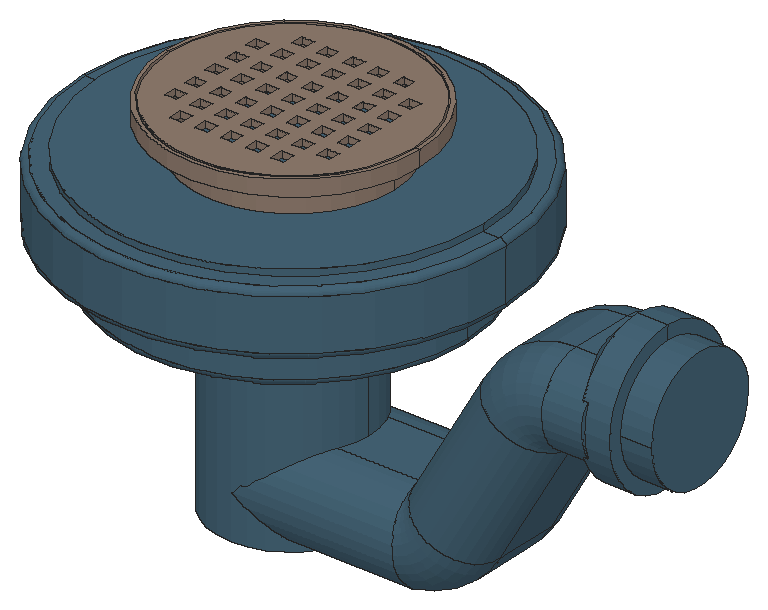
Revit family "Drain_Trap_Shallow-Zurn-Z451B", category Plumbing Fixtures, Revit 2022
Family settings
  Round Connector Dimension = Use Radius
  Part Type = Normal
  OmniClass Number = 23.45.55.21
  OmniClass Title = Drains (Wastes)
  Work Plane-Based = No
  Always vertical = Yes
  Cut with Voids When Loaded = No
  Maintain Annotation Orientation = No
  Shared = No
  Room Calculation Point = No
Parameters (values of type "Load Family Type Catalog")
  Waste Connection = 0 = 0  # yes
  WFU = 1  # constant formula
  Vent Connection = 0 = 1  # no
  URL = "www.zurn.com"
  Type Comments = "ZB451B-2 Inch-Threaded Outlet"
  Strainer Dia_B = 5.000"
  Strainer Adjustment Height (K) [instance] = if(and(Strainer Dia_B = 5.000", Enter_Value_Strainer_Adjustment_Height_K > 2.250"), 2.250", if(and(Strainer Dia_B = 5.000", Enter_Value_Strainer_Adjustment_Height_K < 1.000"), 1.000", if(and(Strainer Dia_B = 6.000", Enter_Value_Strainer_Adjustment_Height_K > 2.531"), 2.531", if(and(Strainer Dia_B = 6.000", Enter_Value_Strainer_Adjustment_Height_K < 1.000"), 1.000", if(and(Strainer Dia_B = 7.000", Enter_Value_Strainer_Adjustment_Height_K > 2.875"), 2.875", if(and(Strainer Dia_B = 7.000", Enter_Value_Strainer_Adjustment_Height_K < 1.000"), 1.000", if(and(Strainer Dia_B = 8.000", Enter_Value_Strainer_Adjustment_Height_K > 2.875"), 2.875", if(and(Strainer Dia_B = 8.000", Enter_Value_Strainer_Adjustment_Height_K < 1.156"), 1.156", Enter_Value_Strainer_Adjustment_Height_K))))))))  # 1.000"
  Product data url = "https://www.bimobject.com/en/zurnindustries/product/zurn-z451b"
  Product Page URL = "https://www.zurn.com/products/drainage-interceptors/floor-drains/finish-floor-drains/z451b"
  Product Documentation Link = "https://files.zurn.com/spec-sheets/z451.pdf"
  Pipe-3 = no
  Pipe-2 = yes
  Pipe Body Height = 5.750"
  Modified Date = "11/26/2025"  # constant formula
  Model = "ZB415B"
  Mid point of pipe = 1.4375"
  Manufacurer Brand = "Zurn"  # constant formula
  Manufacturer = "Zurn Water, LLC"  # constant formula
  Frame and Grate = Bronze - Zurn - Polished
  HWFU = 0  # constant formula
  HW Connection = 0 = 1  # no
  Grate Open Area Sq.in = 15.000"
  Enter_Value_Strainer_Adjustment_Height_K [instance] = 1.000"
  Distance of pipe face = 8.000"
  Distance from pipe to body = 4.250"
  Description = "SHALLOW TRAP DRAIN W/ TYPE B STRAINER"  # constant formula
  Default Elevation = 25.000"  # constant formula
  Date Created = "11/13/2018"  # constant formula
  Connector radius = [A_ Pipe Size (Nominal)] / 2  # 1.000"
  CWFU = 0  # constant formula
  Main Material = Iron - Zurn -Cast - Painted - Blue
  CW Connection = 0 = 1  # no
  Botton Body Radius = 1.500"
  Body Height = 6.125"
  Assembly Code = "D2030300"
  Approx. Weight (Lbs) = 5.000"
  A_ Pipe Size (Nominal) = 2.000"
  A_ Pipe Size (Actual-Outer) = 1.188"
  A_ Pipe Size (Actual-Inner) = 1.034"
Reference planes (in)
  plane 1 "Center (Front/Back)": y = 0
  plane 2: z = 0
  plane 3 "Center (Left/Right)": x = 0
  plane 4: y = 0.5
  plane 5: y = -0.5
  plane 6: y = 2.5
  plane 7: y = -2.5
  plane 8: y = 1.188
  plane 9: y = -1.188
  plane 10: y = 0.7619621
  plane 11: y = -0.938
  plane 12: y = 0.42
  plane 13: y = -0.42
  plane 14: y = 0.525
  plane 15: y = -0.525
  plane 16: x = -2.5
  plane 17: x = 2.5
  plane 18: x = 8
  plane 19: z = -1
  plane 20: z = -7.125
  plane 21: z = -2.875
  plane 22: z = -1.5
  plane 23: x = 2
  plane 24: x = 1.85
  plane 25: x = 2.43
  plane 26: x = 2.39
  plane 27: z = -0.125
  plane 28: z = -0.875
  plane 29: z = -2.25
  plane 30: z = -3.125
  plane 31: x = 3.4377278
  plane 32: x = 4.1872278
  plane 33: z = -3.75
  plane 34: z = -1.375
  plane 35: z = -2.8125
  plane 36: z = -1.6245
  plane 37: z = -4.0005
  plane 38: z = -3.6875
  plane 39: x = 6.785
  plane 40: x = 7.3755
  plane 41: x = 6.2905
  plane 42: x = 6.0125
  plane 43: z = -1.9375
  plane 44: z = -6.25
  plane 45: z = -5.375
  plane 46: through (6.0125, -180, -3.6875) normal (0.866, 0, -0.5)
  plane 47: through (3.0155615, -180, -5.3783497) normal (-0.866, 0, 0.5)
  plane 48: x = -1.5
  plane 49: x = 1.5
  plane 50: through (3.9608337, -180, -5.4910902) normal (-0.866, 0, 0.5)
  plane 51: y = 1.5
  plane 52: y = -1.5
  plane 53: x = 6.8755
  plane 54: x = 6.8755
  plane 55: y = -1.4375
  plane 56: y = 1.4389139
  plane 57: y = 2.9
  plane 58: y = -2.9
  plane 59: x = 8.15675
  plane 60: y = 1.5
  plane 61: y = -1.5
  plane 62: x = 3.923009
  plane 63: z = -0.1232718
  plane 64: y = 2.39
  plane 65: y = -2.39
  plane 66: x = -2.39
  plane 67: x = 2.39
  plane 68: y = 1.5933333
  plane 69: y = 0.7966667
  plane 70: y = -0.7966667
  plane 71: y = -1.5933333
  plane 72: x = -1.5933333
  plane 73: x = -0.7966667
  plane 74: x = 0.7966667
  plane 75: x = 1.5933333
Forms (in)
  Revolve 1, solid, material "Bronze - Zurn - Polished" <- "Frame and Grate", detail levels fine
    sketch origin (0, 0, 0.0017282) x (1, 0, 0) y (0, 0, 1)
      loop
        line (2.43, -0.125) -> (2.39, -0.125) -> (2.39, -0.0017282) -> (0, -0.0017282) -> (0, -0.1267282) -> (1.85, -0.1267282) -> (1.85, -1.5017282) -> (2, -1.5017282) -> (2, -0.3125) -> (2.5, -0.3125) -> (2.5, -0.0017282) -> (2.43, -0.0017282) -> (2.43, -0.125)
      axis (0, -0.0017282) -> (0, -1.5017282)
    angle from 0 to 360
  Revolve 2, solid, material "Iron - Zurn -Cast - Painted - Blue" <- "Main Material", detail levels fine
    sketch origin (-0.0002722, 0, 0.0014656) x (1, 0, 0) y (0, 0, 1)
      loop
        line (0.0002722, -1.0014656) -> (0.0002722, -3.1264656) -> (3.313, -3.1264656)
        arc (3.313, -3.1264656) -> (3.4013883, -3.0898539) -> (3.438, -3.0014656) r 0.125
        line (3.438, -3.0014656) -> (3.438, -2.3764656)
        arc (3.438, -2.3764656) -> (3.4746117, -2.2880772) -> (3.563, -2.2514656) r 0.125
        line (3.563, -2.2514656) -> (4.0625, -2.2514656)
        arc (4.0625, -2.2514656) -> (4.1508883, -2.2148539) -> (4.1875, -2.1264656) r 0.125
        line (4.1875, -2.1264656) -> (4.1875, -1.1264656)
        arc (4.1875, -1.1264656) -> (4.1508883, -1.0380772) -> (4.0625, -1.0014656) r 0.125
        line (4.0625, -1.0014656) -> (0.0002722, -1.0014656)
      axis (0.0002722, -1.0014656) -> (0.0002722, -3.1264656)
    angle from 0 to 360
  Extrusion 3, solid, material "Iron - Zurn -Cast - Painted - Blue" <- "Main Material", detail levels fine
    sketch origin (-0.0002722, 0, 0.0014656) x (1, 0, 0) y (0, 1, 0)
      loop
        circle (0.0002722, 0) r 3.75
    from -1.0014656 to -0.8764656
  Extrusion 4, solid, material "Iron - Zurn -Cast - Painted - Blue" <- "Main Material", detail levels fine
    sketch origin (0.0051422, 0, 0) x (1, 0, 0) y (0, 1, 0)
      loop
        circle (-0.0051422, 0) r 2.09375
    from -3.125 to -3.75
  Extrusion 5, solid, material "Iron - Zurn -Cast - Painted - Blue" <- "Main Material", detail levels fine
    sketch origin (0.2242056, 0, 0) x (1, 0, 0) y (0, 1, 0)
      loop
        circle (-0.2242056, 0) r 1.5
    from -1.75 to -7.125
  Revolve 6, solid, material "Iron - Zurn -Cast - Painted - Blue" <- "Main Material", visible <- "Pipe-2", detail levels fine
    sketch origin (0, 0, 0) x (1, 0, 0) y (0, 0, 1)
      loop
        line (6.2905, -1.9375) -> (6.2905, -2.8125) -> (7.3755, -2.8125) -> (7.3755, -1.375) -> (6.785, -1.375) -> (6.2905, -1.9375)
      axis (6.2905, -2.8125) -> (7.3755, -2.8125)
    angle from 0 to 360
  Extrusion 7, solid, material "Iron - Zurn -Cast - Painted - Blue" <- "Main Material", visible <- "Pipe-2", detail levels fine
    sketch origin (8.0005, 0, 0) x (0, 1, 0) y (0, 0, 1)
      loop
        circle (0, -2.8125) r 1.188
    from -0.0005 to -0.625
  Extrusion 8, void
    sketch origin (0, 0, 0) x (0, 1, 0) y (1, 0, 0)
      loop
        circle (0, 0) r 2.39
    from 0 to 0.125
Cuts and joins
  Extrusion 8 cuts Revolve 1
  Extrusion 8 cuts Revolve 2
  Extrusion 8 cuts Extrusion 3
  Extrusion 8 cuts Extrusion 4
  Extrusion 8 cuts Extrusion 5
Lines and regions (in)
  Masking region 1, detail levels fine
    outline origin (0, 0, 0) x (1, 0, 0) y (0, 1, 0)
      loop
        circle (0, 0) r 4.2
  Masking region 2, visible <- "Pipe-2", detail levels fine
    outline origin (0, 0, 0) x (1, 0, 0) y (0, 1, 0)
      loop
        line (6.8755, 1.5) -> (3.923009, 1.5)
        arc (3.923009, 1.5) -> (4.1301718, 0.7626801) -> (4.2, 0) r 4.2
        arc (4.2, 0) -> (4.1301718, -0.7626801) -> (3.923009, -1.5) r 4.2
        line (3.923009, -1.5) -> (6.8755, -1.5) -> (6.8755, -1.4375) -> (7.3755, -1.4375) -> (7.3755, -1.188) -> (8, -1.188) -> (8, 1.188) -> (7.3755, 1.188) -> (7.3755, 1.4389139) -> (6.8755, 1.4389139) -> (6.8755, 1.5)
  Masking region 3, visible <- "Pipe-3", detail levels fine
    outline origin (0, 0, 0) x (1, 0, 0) y (0, 1, 0)
      loop
        arc (3.0380915, 2.9) -> (3.8976656, 1.5616313) -> (4.2, 0) r 4.2147099
        arc (4.2, 0) -> (3.8981144, -1.5635902) -> (3.0321133, -2.9) r 4.1699926
        line (3.0321133, -2.9) -> (8.15675, -2.9) -> (8.15675, -1.188) -> (8, -1.188) -> (8, 1.188) -> (8.15675, 1.188) -> (8.15675, 2.9) -> (3.0380915, 2.9)
  model lines, detail levels coarse+medium
    curve 1: circle (0, 0, 0) r 2.5 normal (0, 0, 1)
    curve 2: line (0, 0, 0) -> (0, 0, -7.125)
    curve 4: line (0, 0, -6.25) -> (3.522677, 0, -6.25)
    curve 5: line (5.5073185, 0, -2.8125) -> (3.522677, 0, -6.25)
    curve 6: line (5.5073185, 0, -2.8125) -> (8, 0, -2.8125)
    curve 7: line (8, 0, -1.6245) -> (8, 0, -4.0005)
    curve 8: line (8, 1.188, -2.8125) -> (8, -1.188, -2.8125)
    curve 9: circle (0, 0, 0) r 2.39 normal (0, 0, 1)
    curve 10: line (-1.7814008, 1.5933333, 0) -> (1.7814008, 1.5933333, 0)
    curve 11: line (-2.2533136, 0.7966667, 0) -> (2.2533136, 0.7966667, 0)
    curve 12: line (-2.39, 0, 0) -> (2.39, 0, 0)
    curve 13: line (-2.2533136, -0.7966667, 0) -> (2.2533136, -0.7966667, 0)
    curve 14: line (-1.7814008, -1.5933333, 0) -> (1.7814008, -1.5933333, 0)
    curve 15: line (-1.5933333, 1.7814008, 0) -> (-1.5933333, -1.7814008, 0)
    curve 16: line (-0.7966667, 2.2533136, 0) -> (-0.7966667, -2.2533136, 0)
    curve 17: line (0, 2.39, 0) -> (0, -2.39, 0)
    curve 18: line (0.7966667, 2.2533136, 0) -> (0.7966667, -2.2533136, 0)
    curve 19: line (1.5933333, 1.7814008, 0) -> (1.5933333, -1.7814008, 0)
  model lines, visible <- "Pipe-2", detail levels coarse+medium
    curve 3: arc (5.2889711, 0, -3.1628576) -> (5.2970631, 0, -3.1627056) -> (5.3051565, 0, -3.162655) r 0.6463848
Dimensions and locks (in)
  equal spacing: plane 4, plane 1 "Center (Front/Back)", plane 5
  plane 4 to plane 1 "Center (Front/Back)" = 0.500"
  equal spacing: plane 6, plane 1 "Center (Front/Back)", plane 7
  "Strainer Dia_B": plane 6 to plane 7
  plane 6 to plane 1 "Center (Front/Back)" to plane 7 = 2.500", 2.500"
  plane 9 to plane 1 "Center (Front/Back)" = 1.188"
  plane 1 "Center (Front/Back)" to plane 8 = 1.188"
  "A_ Pipe Size (Actual-Outer)": plane 8 to plane 1 "Center (Front/Back)"
  "A_ Pipe Size (Actual-Outer)": plane 1 "Center (Front/Back)" to plane 9
  plane 12 to plane 1 "Center (Front/Back)" = 0.420"
  plane 1 "Center (Front/Back)" to plane 13 = 0.420"
  plane 14 to plane 1 "Center (Front/Back)" = 0.525"
  plane 1 "Center (Front/Back)" to plane 15 = 0.525"
  equal spacing: plane 17, plane 3 "Center (Left/Right)", plane 16
  "Strainer Dia_B": plane 17 to plane 16
  "Distance of pipe face": plane 18 to plane 3 "Center (Left/Right)"
  "Strainer Adjustment Height (K)": level to plane 19
  "Body Height": plane 19 to plane 20
  "Distance from pipe to body": plane 21 to plane 20
  locked: plane 26 to plane 25 at 0.04
  level to plane 27 = 0.125"
  plane 28 to plane 19 = 0.125"
  plane 19 to plane 29 = 1.250"
  plane 19 to plane 30 = 2.125"
  plane 19 to plane 22 = 0.500"
  plane 19 to plane 33 = 2.750"
  "Pipe Body Height": plane 34 to plane 20
  "A_ Pipe Size (Actual-Outer)": plane 36 to plane 35
  "A_ Pipe Size (Actual-Outer)": plane 35 to plane 37
  plane 39 to plane 41 = 0.4945"
  plane 41 to plane 42 = 0.278"
  plane 18 to plane 40 = 0.6245"
  "Mid point of pipe": plane 34 to plane 35
  plane 43 to plane 35 to plane 38 = 0.875", 0.875"
  plane 44 to plane 20 = 0.875"
  plane 45 to plane 44 = 0.875"
  plane 18 to plane 39 = 1.215"
  plane 35 to plane 20 = 4.3125"
  plane 46 to plane 47 = 1.750"
  plane 43 to plane 20 = 5.1875"
  equal spacing: plane 49, plane 3 "Center (Left/Right)", plane 48
  "Botton Body Radius": plane 3 "Center (Left/Right)" to plane 48
  equal spacing: plane 47, plane 50, plane 46
  plane 36 to plane 35 = 1.188"
  plane 4 to plane 57 = 2.400"
  plane 58 to plane 5 = 2.400"
  plane 1 "Center (Front/Back)" to plane 61 = 1.500"
  plane 1 "Center (Front/Back)" to plane 60 = 1.500"
  equal spacing: plane 64, plane 1 "Center (Front/Back)", plane 65
  plane 1 "Center (Front/Back)" to plane 65 = 2.390"
  equal spacing: plane 66, plane 3 "Center (Left/Right)", plane 67
  plane 66 to plane 3 "Center (Left/Right)" = 2.390"
  plane 64 to plane 68 to plane 69 to plane 1 "Center (Front/Back)" to plane 70 to plane 71 to plane 65 = 0.79667", 0.79667", 0.79667", 0.79667", 0.79667", 0.79667"
  plane 66 to plane 72 to plane 73 to plane 3 "Center (Left/Right)" to plane 74 to plane 75 to plane 67 = 0.79667", 0.79667", 0.79667", 0.79667", 0.79667", 0.79667"
  radius of Revolve 2 sketch curve = 0.125"  (x4)
  diameter of Extrusion 3 sketch curve = 7.500"
  radius of Extrusion 4 sketch curve = 2.09375"
  "Botton Body Radius": radius of Extrusion 5 sketch curve
  "A_ Pipe Size (Actual-Outer)": radius of Extrusion 7 sketch curve
  "Strainer Dia_B": diameter of curve 1
  aligned and locked: plane 2 to level
  aligned and locked: Revolve 1 sketch curve to plane 22
  aligned and locked: Revolve 1 sketch curve to plane 23
  aligned and locked: Revolve 1 sketch curve to plane 24
  aligned and locked: Revolve 1 sketch curve to plane 25
  aligned and locked: Revolve 1 sketch curve to plane 26
  aligned and locked: Revolve 1 sketch curve to Revolve 1 sketch curve
  aligned and locked: Revolve 1 sketch curve to plane 17
  aligned and locked: Revolve 1 sketch curve to level  (x2)
  aligned and locked: plane 27 to Revolve 1 sketch curve
  aligned and locked: plane 28 to Extrusion 3
  aligned and locked: Revolve 2 sketch curve to plane 19
  aligned and locked: plane 29 to Revolve 2 sketch curve
  aligned and locked: plane 30 to Revolve 2 sketch curve
  aligned and locked: plane 31 to Revolve 2 sketch curve
  aligned and locked: plane 32 to Revolve 2 sketch curve
  aligned and locked: plane 3 "Center (Left/Right)" to Revolve 2 sketch curve
  aligned and locked: Revolve 2 sketch curve to plane 3 "Center (Left/Right)"
  aligned and locked: plane 3 "Center (Left/Right)" to Extrusion 3 sketch curve
  aligned and locked: plane 1 "Center (Front/Back)" to Extrusion 3 sketch curve
  aligned and locked: plane 3 "Center (Left/Right)" to Extrusion 4 sketch curve
  aligned and locked: plane 1 "Center (Front/Back)" to Extrusion 4 sketch curve
  aligned and locked: plane 30 to Extrusion 4
  aligned and locked: Extrusion 4 to plane 33
  aligned and locked: plane 3 "Center (Left/Right)" to Extrusion 5 sketch curve
  aligned and locked: plane 1 "Center (Front/Back)" to Extrusion 5 sketch curve
  aligned and locked: Extrusion 5 to plane 20
  aligned and locked: Extrusion 3 to plane 19
  aligned and locked: plane 1 "Center (Front/Back)" to Extrusion 7 sketch curve
  aligned and locked: plane 35 to Extrusion 7 sketch curve
  aligned and locked: Revolve 6 sketch curve to plane 34
  aligned and locked: Revolve 6 sketch curve to plane 35
  aligned and locked: plane 40 to Revolve 6
  aligned and locked: Revolve 6 sketch curve to plane 40
  aligned and locked: plane 39 to Revolve 6 sketch curve
  aligned and locked: plane 41 to Revolve 6 sketch curve
  aligned and locked: plane 43 to Revolve 6 sketch curve
  aligned and locked: plane 1 "Center (Front/Back)" to nested 1
  aligned and locked: nested 2 to plane 44
  aligned and locked: plane 1 "Center (Front/Back)" to nested 2
  aligned and locked: plane 44 to nested 1
  aligned and locked: level to curve 2
  aligned and locked: curve 2 to plane 3 "Center (Left/Right)"
  aligned and locked: plane 3 "Center (Left/Right)" to curve 4
  aligned and locked: plane 20 to curve 2
  aligned and locked: plane 50 to curve 5
  aligned and locked: curve 6 to plane 35
  aligned and locked: plane 36 to curve 7
  aligned and locked: plane 37 to curve 7
  aligned and locked: curve 7 to plane 18
  aligned and locked: plane 8 to curve 8
  aligned and locked: plane 9 to curve 8
  aligned and locked: curve 8 to plane 35
  aligned and locked: plane 9 to Masking region 2 sketch curve
  aligned and locked: plane 54 to nested 1
  aligned and locked: plane 55 to Masking region 2 sketch curve
  aligned and locked: Masking region 2 sketch curve to plane 40  (x2)
  aligned and locked: Masking region 2 sketch curve to plane 18
  aligned and locked: Masking region 2 sketch curve to plane 8
  aligned and locked: Masking region 2 sketch curve to plane 53
  aligned and locked: plane 51 to Masking region 2 sketch curve
  aligned and locked: plane 56 to Masking region 2 sketch curve
  aligned and locked: plane 58 to Masking region 3 sketch curve
  aligned and locked: Masking region 3 sketch curve to plane 18
  aligned and locked: Masking region 3 sketch curve to plane 8
  aligned and locked: Masking region 3 sketch curve to plane 57
  aligned and locked: Masking region 3 sketch curve to plane 59
  aligned and locked: plane 61 to Masking region 2 sketch curve
  aligned and locked: plane 62 to Masking region 2 sketch curve  (x2)
  aligned and locked: plane 3 "Center (Left/Right)" to Extrusion 8 sketch curve
  aligned and locked: plane 1 "Center (Front/Back)" to Extrusion 8 sketch curve
  aligned and locked: Extrusion 8 to Revolve 1
  aligned and locked: level to Extrusion 8
  aligned and locked: plane 63 to cut or joined group of Revolve 1, Extrusion 8
  aligned and locked: plane 1 "Center (Front/Back)" to nested 3
  aligned and locked: plane 3 "Center (Left/Right)" to nested 3
  aligned and locked: plane 3 "Center (Left/Right)" to curve 9
  aligned and locked: plane 1 "Center (Front/Back)" to curve 9
  aligned and locked: curve 10 to plane 68
  aligned and locked: curve 11 to plane 69
  aligned and locked: plane 1 "Center (Front/Back)" to curve 12
  aligned and locked: curve 13 to plane 70
  aligned and locked: curve 14 to plane 71
  aligned and locked: curve 15 to plane 72
  aligned and locked: curve 16 to plane 73
  aligned and locked: curve 17 to plane 3 "Center (Left/Right)"
  aligned and locked: curve 18 to plane 74
  aligned and locked: curve 19 to plane 75
  aligned and locked: plane 18 to nested 2
  aligned and locked: plane 18 to Extrusion 7
Automatic sketch dimensions
  Revolve 1 sketch curve to plane 3 "Center (Left/Right)" = 0.000"
  Revolve 1 sketch curve to level = 0.31077"
  Revolve 1 sketch curve to level = 0.12327"
  plane 22 to Revolve 1 sketch curve = 0.08367"
  Revolve 1 sketch curve to Revolve 1 sketch curve = 1.01064"
  level to Revolve 2 sketch curve = 0.250"
  Revolve 2 sketch curve to plane 33 = 0.500"
  Revolve 6 sketch curve to plane 35 = 0.000"
  Revolve 6 sketch curve to Revolve 6 sketch curve = 0.500"
  plane 18 to Revolve 6 sketch curve = 0.61583"
  curve 4 to plane 44 = 0.000"
  curve 3 to plane 33 = 0.05904"
  curve 3 to curve 5 = 0.20216"
  curve 3 to curve 3 = 0.01619"
  plane 1 "Center (Front/Back)" to Masking region 1 sketch curve = 0.000"
  Masking region 1 sketch curve to plane 3 "Center (Left/Right)" = 0.000"
  plane 1 "Center (Front/Back)" to Masking region 3 sketch curve = 0.000"
  Masking region 3 sketch curve to plane 59 = 0.000"
  Masking region 3 sketch curve to plane 9 = 0.000"
  plane 1 "Center (Front/Back)" to Masking region 3 sketch curve = 0.00583"
  plane 3 "Center (Left/Right)" to Masking region 3 sketch curve = 0.03001"
  plane 1 "Center (Front/Back)" to Masking region 3 sketch curve = 0.00589"
  Masking region 3 sketch curve to plane 3 "Center (Left/Right)" = 0.01471"
  Masking region 3 sketch curve to Masking region 3 sketch curve = 0.000"
  plane 1 "Center (Front/Back)" to Masking region 2 sketch curve = 0.000"
  Masking region 2 sketch curve to plane 3 "Center (Left/Right)" = 0.000"
  Masking region 2 sketch curve to plane 53 = 0.000"
  curve 1 to curve 9 = 0.000"  (x2)
  curve 12 to plane 66 = 0.000"
  radius of Masking region 1 sketch curve = 4.200"
  radius of Extrusion 8 sketch curve = 2.390"
Nested families (in)
  nested 1: "Pipe-2" at (0, 0, 0), visible <- "Pipe-2", type "Pipe-2", detail levels fine
  nested 2: "Pipe-3" at (-0.72, 0, 1.125), visible <- "Pipe-3", Body and Collar <- "Main Material", type "Pipe-3"
    with Body and Collar Iron - Zurn -Cast - Painted - Blue
  nested 3: "Grate" at (0, 0, 0), Grate <- "Frame and Grate", type "Grate", detail levels fine
    with Grate Bronze - Zurn - Polished
Connectors (in)
  piping at (8, 0, -2.8125), diameter 2, driven by "Connector radius"
    settings: on Extrusion 7, index 1, connector inside diameter 24", connector length 0.000", flow factor 0, pipe flow 0 GPM, pressure drop 0.00 psi, fitting loss kfactor 0, connector angle 0.00°, fixture units 0, engagement length 0.000", angle of deflection 0.00°, flow configuration 0, flow direction 0, fitting loss method 0, system type 7, joint type 0, gender type 0, connector reference index -1, connector utility 0, adjustable connector no, is connector primary yes, connector description ""
Definition of nested family "Pipe-2"
  Parameters (values of type "Pipe-2")
    URL = "www.zurn.com"
    Product data url = ""
    Product Page URL = ""
    Product Installation Sheet URL = ""
    Product Documentation Link = ""
    Pipe-2 = yes
    Modified Date = ""
    Material main = ""
    Manufacurer Brand = "Zurn"  # constant formula
    Manufacturer = "Zurn Water, LLC"  # constant formula
    Main Material = none
    Default Elevation = 0.000"
    Date Created = ""
    Approx. Weight (Lbs) = 0.000"
  Reference planes (in)
    plane 1 "Center (Front/Back)": y = 0
    plane 2: z = 0
    plane 3 "Center (Left/Right)": x = 0
    plane 4: z = -7.125
    plane 5: z = -5.375
    plane 6: z = -6.25
    plane 7: z = -2.812
    plane 8: z = -1.937
    plane 9: z = -3.687
  Forms (in)
    Sweep 1, solid, material <- "Main Material", detail levels medium+fine
      path origin (0, 0, 0.0010754) x (1, 0, 0) y (0, 0, 1)
        loop
          line (6.8755, -2.8125) -> (6.0878622, -2.8125)
          arc (6.0878622, -2.8125) -> (5.5878622, -2.9464746) -> (5.2218368, -3.3125) r 1
          line (5.2218368, -3.3125) -> (3.7999315, -5.7753123)
          arc (3.7999315, -5.7753123) -> (3.5262026, -6.0810324) -> (3.1527356, -6.2510754) r 1
          line (3.1527356, -6.2510754) -> (0, -6.2510754)
      profile origin (6.4816811, 0, -2.8114246) x (0, 0, -1) y (0, -1, 0)
        loop
          line (-0.8744246, 0.625) -> (-0.8744246, -0.625)
          arc (-0.8744246, -0.625) -> (0.0005754, -1.5) -> (0.8755754, -0.625) r 0.875
          line (0.8755754, -0.625) -> (0.8755754, 0.625)
          arc (0.8755754, 0.625) -> (0.0005754, 1.5) -> (-0.8744246, 0.625) r 0.875
  Dimensions and locks (in)
    level to plane 4 = 7.125"
    plane 6 to plane 4 = 0.875"
    plane 5 to plane 6 = 0.875"
    level to plane 7 = 2.812"
    plane 8 to plane 7 = 0.875"
    plane 7 to plane 9 = 0.875"
    radius of Sweep 1 sketch curve = 0.875"  (x2)
    aligned and locked: plane 2 to level
    aligned and locked: plane 6 to Sweep 1 sketch curve
    aligned and locked: plane 7 to Sweep 1 sketch curve
    aligned and locked: plane 8 to Sweep 1 sketch curve
    aligned and locked: plane 9 to Sweep 1 sketch curve
Definition of nested family "Pipe-3"
  Parameters (values of type "Pipe-3")
    URL = "www.zurn.com"
    Product data url = ""
    Product Page URL = ""
    Product Installation Sheet URL = ""
    Product Documentation Link = ""
    Modified Date = ""
    Material main = ""
    Manufacurer Brand = "Zurn"  # constant formula
    Manufacturer = "Zurn Water, LLC"  # constant formula
    Default Elevation = 0.000"
    Date Created = ""
    Body and Collar [instance] = none
    Approx. Weight (Lbs) = 0.000"
  Reference planes (in)
    plane 1 "Center (Front/Back)": y = 0
    plane 2: z = 0
    plane 3 "Center (Left/Right)": x = 0
    plane 4: z = -8.25
    plane 5: x = -1.65625
    plane 6: x = 1.65625
    plane 7: z = -7.375
    plane 8: z = -6.5
    plane 9: z = -3.5
    plane 10: z = -4.75
    plane 11: y = -2.03125
    plane 12: y = 2.03125
    plane 13: x = 6.125
    plane 14: x = 8.188
    plane 15: x = 7.125
    plane 16: z = -7.1875
    plane 17: z = -1.75
    plane 18: z = -5.25
    plane 19: x = 8.72
  Forms (in)
    Sweep 1, solid, material <- "Body and Collar", detail levels fine
      path origin (0, 0, 0) x (1, 0, 0) y (0, 0, 1)
        loop
          line (8.1255, -3.5) -> (7.0336635, -3.5)
          arc (7.0336635, -3.5) -> (6.201964, -3.7464572) -> (5.6388132, -4.40625) r 1.5265635
          line (5.6388132, -4.40625) -> (4.1880562, -6.9190349)
          arc (4.1880562, -6.9190349) -> (3.7252042, -7.2558459) -> (3.1653149, -7.375) r 1.375
          line (3.1653149, -7.375) -> (-1.65625, -7.375)
      profile origin (7.5795818, 0, -3.5) x (0, 0, -1) y (0, -1, 0)
        loop
          line (-0.875, 2.03125) -> (-0.875, -2.03125)
          arc (-0.875, -2.03125) -> (0, -2.90625) -> (0.875, -2.03125) r 0.875
          line (0.875, -2.03125) -> (0.875, 2.03125)
          arc (0.875, 2.03125) -> (0, 2.90625) -> (-0.875, 2.03125) r 0.875
    Extrusion 2, solid, material <- "Body and Collar", detail levels fine
      sketch origin (8.7505, 0, 0) x (0, 1, 0) y (0, 0, 1)
        loop
          circle (0, -3.5) r 1.75
      from -0.0305 to -0.625
    Extrusion 3, solid, material <- "Body and Collar", detail levels fine
      sketch origin (8.7505, 0, 0) x (0, 1, 0) y (0, 0, 1)
        loop
          circle (0, -3.5) r 2
      from -0.625 to -1.21875
    Revolve 4, solid, material <- "Body and Collar", detail levels fine
      sketch origin (0, 0, 0) x (1, 0, 0) y (0, 0, 1)
        loop
          line (7.53175, -2.875) -> (7.53175, -1.5000331)
          arc (7.53175, -1.5000331) -> (6.1815028, -1.9166639) -> (5.2893062, -3.012444) r 2.4375
          line (5.2893062, -3.012444) -> (5.0893117, -3.5) -> (5.2527187, -3.5) -> (5.7955229, -2.875) -> (7.53175, -2.875)
        axis (7.53175, -3.5) -> (5.0893117, -3.5)
      angle from 0 to 360
  Dimensions and locks (in)
    level to plane 4 = 8.250"
    equal spacing: plane 6, plane 3 "Center (Left/Right)", plane 5
    plane 6 to plane 5 = 3.3125"
    plane 7 to plane 4 = 0.875"
    plane 8 to plane 7 = 0.875"
    level to plane 9 = 3.500"
    plane 17 to plane 9 = 1.750"
    plane 9 to plane 18 = 1.750"
    plane 19 to plane 3 "Center (Left/Right)" = 8.720"
    radius of Sweep 1 sketch curve = 0.875"  (x2)
    radius of Sweep 1 sketch curve = 1.375"
    radius of Extrusion 3 sketch curve = 2.000"
    aligned and locked: plane 2 to level
    aligned and locked: Sweep 1 sketch curve to plane 11
    aligned and locked: plane 12 to Sweep 1 sketch curve
    aligned and locked: plane 7 to Sweep 1 sketch curve
    aligned and locked: plane 9 to Sweep 1 sketch curve
    aligned and locked: plane 1 "Center (Front/Back)" to Extrusion 2 sketch curve
    aligned and locked: plane 9 to Extrusion 2 sketch curve
    aligned and locked: plane 19 to Extrusion 2
  Automatic sketch dimensions
    Sweep 1 sketch curve to plane 5 = 0.000"
    plane 6 to Sweep 1 sketch curve = 1.50906"
    Sweep 1 sketch curve to plane 16 = 0.26847"
    Sweep 1 sketch curve to plane 13 = 0.48619"
    plane 15 to Sweep 1 sketch curve = 0.09134"
    Sweep 1 sketch curve to plane 10 = 0.27656"
    Sweep 1 sketch curve to plane 14 = 0.0625"
    Sweep 1 sketch curve to profile plane = 0.000"
    Extrusion 3 sketch curve to plane 1 "Center (Front/Back)" = 0.000"
    Extrusion 3 sketch curve to plane 9 = 0.000"
    Revolve 4 sketch curve to plane 9 = 0.000"  (x2)
    plane 6 to Revolve 4 sketch curve = 3.43306"
    Revolve 4 sketch curve to Revolve 4 sketch curve = 0.16341"
    plane 9 to Revolve 4 sketch curve = 0.48756"
    Revolve 4 sketch curve to Revolve 4 sketch curve = 0.03659"
    plane 9 to Revolve 4 sketch curve = 0.625"
    Revolve 4 sketch curve to Revolve 4 sketch curve = 0.50622"
    Revolve 4 sketch curve to Revolve 4 sketch curve = 1.73623"
    Revolve 4 sketch curve to plane 9 = 0.4375"
    Revolve 4 sketch curve to Revolve 4 sketch curve = 0.0127"
    Revolve 4 sketch curve to Revolve 4 sketch curve = 0.33881"
    Revolve 4 sketch curve to Revolve 4 sketch curve = 1.20555"
    radius of Extrusion 2 sketch curve = 1.750"
Definition of nested family "Grate"
  Parameters (values of type "Grate")
    URL = "www.zurn.com"
    Product data url = ""
    Product Page URL = ""
    Product Installation Sheet URL = ""
    Product Documentation Link = ""
    Modified Date = ""
    Material main = ""
    Manufacurer Brand = "Zurn"  # constant formula
    Manufacturer = "Zurn Water, LLC"  # constant formula
    Grate [instance] = none
    Default Elevation = 0.000"
    Date Created = ""
    Approx. Weight (Lbs) = 0.000"
  Reference planes (in)
    plane 1 "Center (Front/Back)": y = 0
    plane 2: z = 0
    plane 3 "Center (Left/Right)": x = 0
    plane 4: z = -0.123
    plane 5: x = -2.39
    plane 6: x = 2.39
    plane 7: y = 2.39
    plane 8: y = -2.39
  Forms (in)
    Extrusion 1, solid, material <- "Grate"
      sketch origin (0, 0, 0) x (1, 0, 0) y (0, 1, 0)
        loop
          circle (0, 0) r 2.39
      from -0.123 to 0
    Extrusion 2, void
      sketch origin (0, 0, 0) x (1, 0, 0) y (0, 1, 0)
        loop
          line (1.3699385, 0.1311576) -> (1.3699385, -0.1188424) -> (1.6199385, -0.1188424) -> (1.6199385, 0.1311576) -> (1.3699385, 0.1311576)
        loop
          line (0.8699385, 0.1311576) -> (0.8699385, -0.1188424) -> (1.1199385, -0.1188424) -> (1.1199385, 0.1311576) -> (0.8699385, 0.1311576)
        loop
          line (0.3699385, 0.1311576) -> (0.3699385, -0.1188424) -> (0.6199385, -0.1188424) -> (0.6199385, 0.1311576) -> (0.3699385, 0.1311576)
        loop
          line (-0.1300615, 0.1311576) -> (-0.1300615, -0.1188424) -> (0.1199385, -0.1188424) -> (0.1199385, 0.1311576) -> (-0.1300615, 0.1311576)
        loop
          line (-0.6300615, 0.1311576) -> (-0.6300615, -0.1188424) -> (-0.3800615, -0.1188424) -> (-0.3800615, 0.1311576) -> (-0.6300615, 0.1311576)
        loop
          line (-0.8800615, -0.1188424) -> (-0.8800615, 0.1311576) -> (-1.1300615, 0.1311576) -> (-1.1300615, -0.1188424) -> (-0.8800615, -0.1188424)
        loop
          line (-1.6300615, 0.1311576) -> (-1.6300615, -0.1188424) -> (-1.3800615, -0.1188424) -> (-1.3800615, 0.1311576) -> (-1.6300615, 0.1311576)
        loop
          line (1.3699385, 0.6311576) -> (1.3699385, 0.3811576) -> (1.6199385, 0.3811576) -> (1.6199385, 0.6311576) -> (1.3699385, 0.6311576)
        loop
          line (0.8699385, 0.6311576) -> (0.8699385, 0.3811576) -> (1.1199385, 0.3811576) -> (1.1199385, 0.6311576) -> (0.8699385, 0.6311576)
        loop
          line (0.3699385, 0.6311576) -> (0.3699385, 0.3811576) -> (0.6199385, 0.3811576) -> (0.6199385, 0.6311576) -> (0.3699385, 0.6311576)
        loop
          line (-0.1300615, 0.6311576) -> (-0.1300615, 0.3811576) -> (0.1199385, 0.3811576) -> (0.1199385, 0.6311576) -> (-0.1300615, 0.6311576)
        loop
          line (-0.6300615, 0.6311576) -> (-0.6300615, 0.3811576) -> (-0.3800615, 0.3811576) -> (-0.3800615, 0.6311576) -> (-0.6300615, 0.6311576)
        loop
          line (-0.8800615, 0.3811576) -> (-0.8800615, 0.6311576) -> (-1.1300615, 0.6311576) -> (-1.1300615, 0.3811576) -> (-0.8800615, 0.3811576)
        loop
          line (-1.6300615, 0.6311576) -> (-1.6300615, 0.3811576) -> (-1.3800615, 0.3811576) -> (-1.3800615, 0.6311576) -> (-1.6300615, 0.6311576)
        loop
          line (1.3699385, 1.1311576) -> (1.3699385, 0.8811576) -> (1.6199385, 0.8811576) -> (1.6199385, 1.1311576) -> (1.3699385, 1.1311576)
        loop
          line (0.8699385, 1.1311576) -> (0.8699385, 0.8811576) -> (1.1199385, 0.8811576) -> (1.1199385, 1.1311576) -> (0.8699385, 1.1311576)
        loop
          line (0.3699385, 1.1311576) -> (0.3699385, 0.8811576) -> (0.6199385, 0.8811576) -> (0.6199385, 1.1311576) -> (0.3699385, 1.1311576)
        loop
          line (-0.1300615, 1.1311576) -> (-0.1300615, 0.8811576) -> (0.1199385, 0.8811576) -> (0.1199385, 1.1311576) -> (-0.1300615, 1.1311576)
        loop
          line (-0.6300615, 1.1311576) -> (-0.6300615, 0.8811576) -> (-0.3800615, 0.8811576) -> (-0.3800615, 1.1311576) -> (-0.6300615, 1.1311576)
        loop
          line (-0.8800615, 0.8811576) -> (-0.8800615, 1.1311576) -> (-1.1300615, 1.1311576) -> (-1.1300615, 0.8811576) -> (-0.8800615, 0.8811576)
        loop
          line (-1.6300615, 1.1311576) -> (-1.6300615, 0.8811576) -> (-1.3800615, 0.8811576) -> (-1.3800615, 1.1311576) -> (-1.6300615, 1.1311576)
        loop
          line (0.8699385, 1.6311576) -> (0.8699385, 1.3811576) -> (1.1199385, 1.3811576) -> (1.1199385, 1.6311576) -> (0.8699385, 1.6311576)
        loop
          line (0.3699385, 1.6311576) -> (0.3699385, 1.3811576) -> (0.6199385, 1.3811576) -> (0.6199385, 1.6311576) -> (0.3699385, 1.6311576)
        loop
          line (-0.1300615, 1.6311576) -> (-0.1300615, 1.3811576) -> (0.1199385, 1.3811576) -> (0.1199385, 1.6311576) -> (-0.1300615, 1.6311576)
        loop
          line (-0.6300615, 1.6311576) -> (-0.6300615, 1.3811576) -> (-0.3800615, 1.3811576) -> (-0.3800615, 1.6311576) -> (-0.6300615, 1.6311576)
        loop
          line (-0.8800615, 1.3811576) -> (-0.8800615, 1.6311576) -> (-1.1300615, 1.6311576) -> (-1.1300615, 1.3811576) -> (-0.8800615, 1.3811576)
        loop
          line (1.3699385, -0.3688424) -> (1.3699385, -0.6188424) -> (1.6199385, -0.6188424) -> (1.6199385, -0.3688424) -> (1.3699385, -0.3688424)
        loop
          line (0.8699385, -0.3688424) -> (0.8699385, -0.6188424) -> (1.1199385, -0.6188424) -> (1.1199385, -0.3688424) -> (0.8699385, -0.3688424)
        loop
          line (0.3699385, -0.3688424) -> (0.3699385, -0.6188424) -> (0.6199385, -0.6188424) -> (0.6199385, -0.3688424) -> (0.3699385, -0.3688424)
        loop
          line (-0.1300615, -0.3688424) -> (-0.1300615, -0.6188424) -> (0.1199385, -0.6188424) -> (0.1199385, -0.3688424) -> (-0.1300615, -0.3688424)
        loop
          line (-0.6300615, -0.3688424) -> (-0.6300615, -0.6188424) -> (-0.3800615, -0.6188424) -> (-0.3800615, -0.3688424) -> (-0.6300615, -0.3688424)
        loop
          line (-0.8800615, -0.6188424) -> (-0.8800615, -0.3688424) -> (-1.1300615, -0.3688424) -> (-1.1300615, -0.6188424) -> (-0.8800615, -0.6188424)
        loop
          line (-1.6300615, -0.3688424) -> (-1.6300615, -0.6188424) -> (-1.3800615, -0.6188424) -> (-1.3800615, -0.3688424) -> (-1.6300615, -0.3688424)
        loop
          line (1.3699385, -0.8688424) -> (1.3699385, -1.1188424) -> (1.6199385, -1.1188424) -> (1.6199385, -0.8688424) -> (1.3699385, -0.8688424)
        loop
          line (0.8699385, -0.8688424) -> (0.8699385, -1.1188424) -> (1.1199385, -1.1188424) -> (1.1199385, -0.8688424) -> (0.8699385, -0.8688424)
        loop
          line (0.3699385, -0.8688424) -> (0.3699385, -1.1188424) -> (0.6199385, -1.1188424) -> (0.6199385, -0.8688424) -> (0.3699385, -0.8688424)
        loop
          line (-0.1300615, -0.8688424) -> (-0.1300615, -1.1188424) -> (0.1199385, -1.1188424) -> (0.1199385, -0.8688424) -> (-0.1300615, -0.8688424)
        loop
          line (-0.6300615, -0.8688424) -> (-0.6300615, -1.1188424) -> (-0.3800615, -1.1188424) -> (-0.3800615, -0.8688424) -> (-0.6300615, -0.8688424)
        loop
          line (-0.8800615, -1.1188424) -> (-0.8800615, -0.8688424) -> (-1.1300615, -0.8688424) -> (-1.1300615, -1.1188424) -> (-0.8800615, -1.1188424)
        loop
          line (-1.6300615, -0.8688424) -> (-1.6300615, -1.1188424) -> (-1.3800615, -1.1188424) -> (-1.3800615, -0.8688424) -> (-1.6300615, -0.8688424)
        loop
          line (0.8699385, -1.3688424) -> (0.8699385, -1.6188424) -> (1.1199385, -1.6188424) -> (1.1199385, -1.3688424) -> (0.8699385, -1.3688424)
        loop
          line (0.3699385, -1.3688424) -> (0.3699385, -1.6188424) -> (0.6199385, -1.6188424) -> (0.6199385, -1.3688424) -> (0.3699385, -1.3688424)
        loop
          line (-0.1300615, -1.3688424) -> (-0.1300615, -1.6188424) -> (0.1199385, -1.6188424) -> (0.1199385, -1.3688424) -> (-0.1300615, -1.3688424)
        loop
          line (-0.6300615, -1.3688424) -> (-0.6300615, -1.6188424) -> (-0.3800615, -1.6188424) -> (-0.3800615, -1.3688424) -> (-0.6300615, -1.3688424)
        loop
          line (-0.8800615, -1.6188424) -> (-0.8800615, -1.3688424) -> (-1.1300615, -1.3688424) -> (-1.1300615, -1.6188424) -> (-0.8800615, -1.6188424)
      from 0 to -0.123
  Cuts and joins
    Extrusion 2 cuts Extrusion 1
  Dimensions and locks (in)
    level to plane 4 = 0.123"
    equal spacing: plane 5, plane 3 "Center (Left/Right)", plane 6
    plane 5 to plane 3 "Center (Left/Right)" = 2.390"
    equal spacing: plane 7, plane 1 "Center (Front/Back)", plane 8
    plane 1 "Center (Front/Back)" to plane 8 = 2.390"
    aligned and locked: plane 2 to level
    aligned and locked: plane 3 "Center (Left/Right)" to Extrusion 1 sketch curve
    aligned and locked: plane 1 "Center (Front/Back)" to Extrusion 1 sketch curve
    aligned and locked: Extrusion 1 to plane 4
    aligned and locked: level to Extrusion 1
    aligned and locked: Extrusion 2 to level
    aligned and locked: Extrusion 2 to plane 4
  Automatic sketch dimensions
    plane 1 "Center (Front/Back)" to Extrusion 2 sketch curve = 0.11884"  (x7)
    Extrusion 2 sketch curve to Extrusion 2 sketch curve = 0.000"  (x28)
    Extrusion 2 sketch curve to Extrusion 2 sketch curve = 0.250"  (x122)
    Extrusion 2 sketch curve to plane 3 "Center (Left/Right)" = 0.13006"  (x7)
    plane 3 "Center (Left/Right)" to Extrusion 2 sketch curve = 0.11994"  (x7)
    Extrusion 2 sketch curve to plane 1 "Center (Front/Back)" = 0.13116"  (x7)
    Extrusion 2 sketch curve to Extrusion 2 sketch curve = 0.500"  (x2)
    radius of Extrusion 1 sketch curve = 2.390"
Types in the file's own list only (14): name | Type Comments | Strainer Dia_B | Pipe-3 | Pipe-2 | Pipe Body Height | Model | Mid point of pipe | Frame and Grate | Grate Open Area Sq.in | Distance of pipe face | Distance from pipe to body | Default Elevation | Connector radius | Botton Body Radius | Body Height | Approx. Weight (Lbs) | A_ Pipe Size (Nominal) | A_ Pipe Size (Actual-Outer) | A_ Pipe Size (Actual-Inner)
  ZB451B-2IP-5" Strainer | "ZB451B-2 Inch Threaded Outlet w/5 inch Strainer" | 5.000 " | No | Yes | 5.750 " | "ZB415B" | 1.438 " | Bronze - Zurn - Polished | 8.000 " | 8.000 " | 4.250 " | 25.000 " | 1.000 " | 1.500 " | 6.125 " | 15.000 " | 2.000 " | 1.188 " | 1.034 "
  ZB451B-2IP-6" Strainer | "ZB451B-2 Inch Threaded Outlet w/6 inch Strainer" | 6.000 " | No | Yes | 5.750 " | "ZB415B" | 1.438 " | Bronze - Zurn - Polished | 9.000 " | 8.000 " | 4.250 " | 25.000 " | 1.000 " | 1.500 " | 6.125 " | 18.000 " | 2.000 " | 1.188 " | 1.034 "
  ZB451B-2IP-7" Strainer | "ZB451B-2 Inch Threaded Outlet w/7 inch Strainer" | 7.000 " | No | Yes | 5.750 " | "ZB415B" | 1.438 " | Bronze - Zurn - Polished | 12.000 " | 8.000 " | 4.250 " | 25.000 " | 1.000 " | 1.500 " | 6.125 " | 20.000 " | 2.000 " | 1.188 " | 1.034 "
  ZB451B-3IC-5" Strainer | "ZB451B-3 Inch Threaded Outlet w/5 inch Strainer" | 5.000 " | Yes | No | 6.750 " | "ZB415B" | 2.000 " | Bronze - Zurn - Polished | 8.000 " | 8.750 " | 5.375 " | 25.000 " | 1.500 " | 1.625 " | 7.250 " | 15.000 " | 3.000 " | 1.750 " | 1.534 "
  ZB451B-3IC-6" Strainer | "ZB451B-3 Inch Threaded Outlet w/6 inch Strainer" | 6.000 " | Yes | No | 6.750 " | "ZB415B" | 2.000 " | Bronze - Zurn - Polished | 9.000 " | 8.750 " | 5.375 " | 25.000 " | 1.500 " | 1.625 " | 7.250 " | 18.000 " | 3.000 " | 1.750 " | 1.534 "
  ZB451B-3IC-7" Strainer | "ZB451B-3 Inch Threaded Outlet w/7 inch Strainer" | 7.000 " | Yes | No | 6.750 " | "ZB415B" | 2.000 " | Bronze - Zurn - Polished | 12.000 " | 8.750 " | 5.375 " | 25.000 " | 1.500 " | 1.625 " | 7.250 " | 20.000 " | 3.000 " | 1.750 " | 1.534 "
  ZB451B-3IC-8" Strainer | "ZB451B-3 Inch Threaded Outlet w/8 inch Strainer" | 8.000 " | Yes | No | 6.750 " | "ZB415B" | 2.000 " | Bronze - Zurn - Polished | 18.000 " | 8.750 " | 5.375 " | 25.000 " | 1.500 " | 1.625 " | 7.250 " | 21.000 " | 3.000 " | 1.750 " | 1.534 "
  ZN451B-2IP-5" Strainer | "ZN451B-2 Inch Threaded Outlet w/5 inch Strainer" | 5.000 " | No | Yes | 5.750 " | "ZN415B" | 1.438 " | Bronze - Zurn - Polished Nickel | 8.000 " | 8.000 " | 4.250 " | 25.000 " | 1.000 " | 1.500 " | 6.125 " | 15.000 " | 2.000 " | 1.188 " | 1.034 "
  ZN451B-2IP-6" Strainer | "ZN451B-2 Inch Threaded Outlet w/6 inch Strainer" | 6.000 " | No | Yes | 5.750 " | "ZN415B" | 1.438 " | Bronze - Zurn - Polished Nickel | 9.000 " | 8.000 " | 4.250 " | 25.000 " | 1.000 " | 1.500 " | 6.125 " | 18.000 " | 2.000 " | 1.188 " | 1.034 "
  ZN451B-2IP-7" Strainer | "ZN451B-2 Inch Threaded Outlet w/7 inch Strainer" | 7.000 " | No | Yes | 5.750 " | "ZN415B" | 1.438 " | Bronze - Zurn - Polished Nickel | 12.000 " | 8.000 " | 4.250 " | 25.000 " | 1.000 " | 1.500 " | 6.125 " | 20.000 " | 2.000 " | 1.188 " | 1.034 "
  ZN451B-3IC- 5" Strainer | "ZN451B-3 Inch Threaded Outlet w/5 inch Strainer" | 5.000 " | Yes | No | 6.750 " | "ZN415B" | 2.000 " | Bronze - Zurn - Polished Nickel | 8.000 " | 8.750 " | 5.375 " | 25.000 " | 1.500 " | 1.625 " | 7.250 " | 15.000 " | 3.000 " | 1.750 " | 1.534 "
  ZN451B-3IC-6" Strainer | "ZN451B-3 Inch Threaded Outlet w/6 inch Strainer" | 6.000 " | Yes | No | 6.750 " | "ZN415B" | 2.000 " | Bronze - Zurn - Polished Nickel | 9.000 " | 8.750 " | 5.375 " | 25.000 " | 1.500 " | 1.625 " | 7.250 " | 18.000 " | 3.000 " | 1.750 " | 1.534 "
  ZN451B-3IC-7" Strainer | "ZN451B-3 Inch Threaded Outlet w/7 inch Strainer" | 7.000 " | Yes | No | 6.750 " | "ZN415B" | 2.000 " | Bronze - Zurn - Polished Nickel | 12.000 " | 8.750 " | 5.375 " | 25.000 " | 1.500 " | 1.625 " | 7.250 " | 20.000 " | 3.000 " | 1.750 " | 1.534 "
  ZN451B-3IC-8" Strainer | "ZN451B-3 Inch Threaded Outlet w/8 inch Strainer" | 8.000 " | Yes | No | 6.750 " | "ZN415B" | 2.000 " | Bronze - Zurn - Polished Nickel | 18.000 " | 8.750 " | 5.375 " | 25.000 " | 1.500 " | 1.625 " | 7.250 " | 21.000 " | 3.000 " | 1.750 " | 1.534 "
